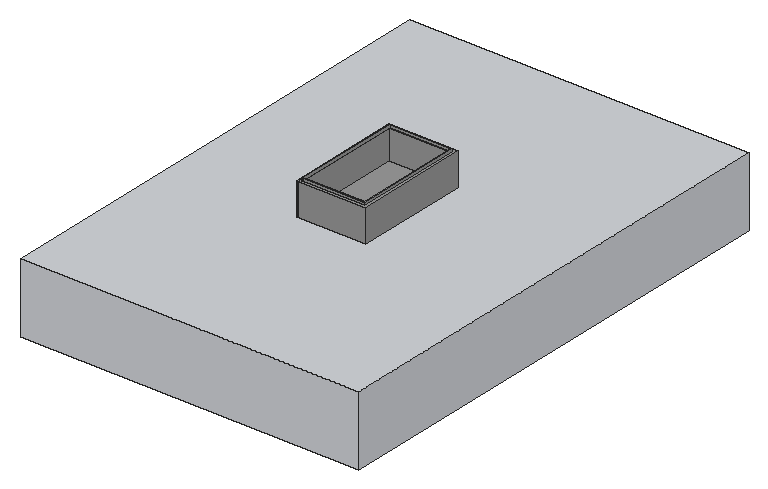
Revit family "Hager-Univers-IP30-D161-3rows-Cl.II-FWB_encl_empty-CH-fr", category Equipement électrique, Revit 2020
Family settings
  Hôte = Face
  Configuration du panneau = Deux colonnes, circuits au sein
  Cote de connecteur circulaire = Utiliser le diamètre
  Type d'élément = Tableau de raccordement
  Couper avec des vides une fois chargée = Non
  Partagée = Non
  Point de calcul de pièce = Non
Parameters (values of type "saillie IP30 L300 H500 P161  - FWB31D1")
  Width Control [instance] = if([EF000008 - largeur] > Min Width, [EF000008 - largeur], Min Width)  # 300 mm
  Commentaires du type = [HG000003 - Gamme]  # "Univers"
  Thickness Door [instance] = if([EF009171 - épaisseur de matériau de la porte/du couvercle] > 3 mm, 3 mm, [EF009171 - épaisseur de matériau de la porte/du couvercle])  # 2 mm
  Seal Frame Offset [instance] = 17 mm  # constant formula
  Plinth Visibility [instance] = [HG000027 - Hauteur du socle] > 0 mm  # no
  Model = ""
  Min Width [instance] = 100 mm  # constant formula
  Min Height [instance] = 100 mm  # constant formula
  Min Depth [instance] = (2 * [EF009170 - épaisseur de matériau du boîtier]) + 1 mm  # 5 mm
  Internal Frame Depth [instance] = (Door System Depth * 0.5)  # 9 mm
  Height Control [instance] = if([EF000040 - hauteur] > Min Height, [EF000040 - hauteur], Min Height)  # 500 mm
  HG000027 - Hauteur du socle = 0 mm
  HG000026 - Installation au sol = no
  HG000024 - Hauteur de la section basse = 800 mm
  HG000023 - Armoire double section = no
  HG000016 - Visibilité de la porte 3D [instance] = yes
  HG000015 - Visibilité de l'emprise de la porte [instance] = no
  HG000014 - Porte à droite [instance] = yes
  HG000013 - Porte à gauche [instance] = not([HG000014 - Porte à droite])  # no
  HG000012 - Angle de pivotement de la porte [instance] = 30.00°
  HG000010 - Portes asymétriques = no
  HG000009 - Porte à double battant = no
  HG000006 - Encastré = no
  HG000004 - Référence fabricant = "FWB31D1"
  HG000003 - Gamme = "Univers"
  HG000002 - avec porte = no
  Frame Offset Bottom [instance] = 10 mm  # constant formula
  Frame Offset [instance] = 15 mm  # constant formula
  EF015940 - couvercle avec décharge de pression = no
  EF011959 - degré de protection (NEMA) = ""
  EF009554 - nombre d'ouvertures pour plaques à bride = 2
  Fabricant = "Hager"  # constant formula
  EF009212 - finition du couvercle = "EV009916 - avec échancrure"
  EF009171 - épaisseur de matériau de la porte/du couvercle = 2 mm
  EF009170 - épaisseur de matériau du boîtier = 2 mm
  EF008873 - courant nominal (In) = 125 A
  EF007800 - adapté à un parafoudre = no
  EF006306 - avec serrure = no
  EF006244 - couvercle/porte transparent(e) = no
  EF005474 - indice de protection (IP) = "EV006410 - IP30"
  EF004464 - type de porte = "EV000494 - sans"
  EF004427 - nombre de modules = 36
  EF004293 - indice de protection contre les chocs (IK) = "EV006815 - IK09"
  EF003532 - convient pour utilisation à l’extérieur = no
  EF002950 - largeur en nombre de modules = 12
  EF001613 - maintien de fonction = "EV000494 - sans"
  EF001596 - matériau du boîtier/corps = "EV000179 - acier"
  EF001131 - profondeur intérieure = 156 mm
  EF001088 - possibilité de montage en saillie = yes
  EF000437 - nombre d'entrées de conduit = 4
  EF000339 - type de capot = "EV000494 - sans"
  EF000266 - nombre de rangées = 0
  EF000218 - profondeur d'encastrement = 0 mm
  EF000118 - avec cadre/support de montage = no
  EF000116 - numéro RAL = "9010"
  EF000049 - profondeur = 161 mm
  EF000040 - hauteur = 500 mm
  EF000008 - largeur = 300 mm
  EF000007 - couleur = "EV000202 - blanc"
  EF000003 - mode de pose = "EV000384 - saillie"
  Door System Leaf Tolerance [instance] = 1.5 mm  # constant formula
  Door System Depth [instance] = 18 mm  # constant formula
  Door Height [instance] = Height Control - [HG000027 - Hauteur du socle]  # 500 mm
  Depth Control [instance] = if([EF000049 - profondeur] > Min Depth, [EF000049 - profondeur], Min Depth)  # 161 mm
  Default Elevation = 0 mm
  Connector Offset [instance] = Height Control / 2  # 250 mm
  Bottom Top Plate Trim [instance] = 1.5 mm  # constant formula
  Plinth height Ctrl [instance] = if([HG000027 - Hauteur du socle] > 0 mm, [HG000027 - Hauteur du socle], 12 mm)  # 12 mm
Reference planes
  plane 1 "Center (Front/Back)": y = 0
  plane 2: z = 0
  plane 3 "Center (Left/Right)": x = 0
  plane 4: z = 161
  plane 5: y = 2
  plane 6: y = 250
  plane 7: y = 0
  plane 8: y = 500
  plane 9: z = 0
  plane 10: x = -135
  plane 11: x = 135
  plane 12: x = 133
  plane 13: x = -133
  plane 14: y = 498
  plane 15: x = -133
  plane 16: x = -150
  plane 17: x = 133
  plane 18: x = 150
  plane 19: x = 148
  plane 20: x = -148
  plane 21: y = 12
  plane 22: y = 500
  plane 23: y = 483
  plane 24: z = 143
  plane 25: z = 2
  plane 26: z = 141
  plane 27: z = 159
Forms (mm)
  Extrusion 1, solid
    sketch origin (0, 0, 0) x (1, 0, 0) y (0, 1, 0)
      loop
        line (-702.964, 1305) -> (-702.964, -811.445) -> (766.763, -811.445) -> (766.763, 1305) -> (-702.964, 1305)
    from 0 to -304.8
  Extrusion 2, solid, material "Hager_Steel_RAL7035_Light_Grey", visible <- "Plinth Visibility", detail levels medium+fine
    sketch origin (0, 0, 0) x (1, 0, 0) y (0, 1, 0)
      loop
        line (-150, 0) -> (150, 0) -> (150, 12) -> (-150, 12) -> (-150, 0)
    from 0 to 143
  Extrusion 3, solid, material "Hager_Steel_RAL7035_Light_Grey", detail levels medium+fine
    sketch origin (0, 0, 0) x (1, 0, 0) y (0, 1, 0)
      loop
        line (-150, 0) -> (150, 0) -> (150, 500) -> (-150, 500) -> (-150, 0)
    from 0 to 143
  Extrusion 4, void
    sketch origin (0, 0, 0) x (1, 0, 0) y (0, 1, 0)
      loop
        line (-148, 2) -> (148, 2) -> (148, 498) -> (-148, 498) -> (-148, 2)
    from 2 to 141
  Extrusion 5, void
    sketch origin (-381.607, -4572, 143) x (0, -1, 0) y (-1, 0, 0)
      loop
        line (-4584, -248.607) -> (-5055, -248.607) -> (-5055, -514.607) -> (-4584, -514.607) -> (-4584, -248.607)
    from 0 to 2 <- "EF009170 - épaisseur de matériau du boîtier"
  Extrusion 6, solid, material "Hager_Steel_RAL7035_Light_Grey", detail levels fine
    sketch origin (0, 0, 143) x (1, 0, 0) y (0, 1, 0)
      loop
        line (-133, 483) -> (-133, 12) -> (133, 12) -> (133, 483) -> (-133, 483)
      loop
        line (-135, 10) -> (135, 10) -> (135, 485) -> (-135, 485) -> (-135, 10)
    from 0 to 9 <- "Internal Frame Depth"
  Extrusion 7, solid, material "Hager_Steel_RAL7035_Light_Grey", detail levels coarse
    sketch origin (0, 0, 0) x (1, 0, 0) y (0, 1, 0)
      loop
        line (-150, 0) -> (150, 0) -> (150, 500) -> (-150, 500) -> (-150, 0)
    from 0 to 161
  Sweep 8, void
    path in 3D
      loop
        line (-150, 12, 0) -> (150, 12, 0) -> (150, 12, 143) -> (-150, 12, 143) -> (-150, 12, 0)
    profile origin (-150, 12, 71.5) x (-1, 0, 0) y (0, -1, 0)
      loop
        line (0, 0) -> (0, 1.5) -> (-1.5, 1.5)
        arc (-1.5, 1.5) -> (-1.061, 0.439) -> (0, 0) r 1.5
Cuts and joins
  Extrusion 4, Extrusion 5 cuts Extrusion 3
  Sweep 8 cuts Extrusion 2
Lines and regions (mm)
  Masking region 1
    outline origin (0, 0, 0) x (1, 0, 0) y (0, 0, 1)
      loop
        line (-150, 161) -> (-150, 0) -> (150, 0) -> (150, 161) -> (-150, 161)
  Masking region 2, detail levels medium+fine
    outline origin (0, 140, 0) x (0, 1, 0) y (0, 0, 1)
      loop
        line (-140, 0) -> (360, 0) -> (360, 143) -> (-140, 143) -> (-140, 0)
  Masking region 3, not visible, detail levels medium+fine
    outline origin (0, 297.922, 0) x (0, 1, 0) y (0, 0, 1)
      loop
        line (-36.422, 0) -> (3.578, 0) -> (3.578, 149)
        arc (3.578, 149) -> (0.649, 156.071) -> (-6.422, 159) r 10
        line (-6.422, 159) -> (-36.422, 159) -> (-36.422, 0)
  Masking region 4, detail levels coarse
    outline origin (0, 0, 180) x (0, 1, 0) y (0, 0, 1)
      loop
        line (0, -180) -> (500, -180) -> (500, -19) -> (0, -19) -> (0, -180)
  Masking region 5, visible <- "Plinth Visibility", detail levels medium+fine
    outline origin (0, 52.24, 12.345) x (0, 0, -1) y (0, 1, 0)
      loop
        line (10.845, -40.24) -> (-129.155, -40.24)
        arc (-129.155, -40.24) -> (-129.594, -41.301) -> (-130.655, -41.74) r 1.5
        line (-130.655, -41.74) -> (-130.655, -52.24) -> (12.345, -52.24) -> (12.345, -41.74)
        arc (12.345, -41.74) -> (11.285, -41.301) -> (10.845, -40.24) r 1.5
  Masking region 6, detail levels medium+fine
    outline origin (-381.607, -4572, 143) x (-1, 0, 0) y (0, -1, 0)
      loop
        line (-231.607, -5072) -> (-231.607, -4572) -> (-531.607, -4572) -> (-531.607, -5072) -> (-231.607, -5072)
  Masking region 7, visible <- "Plinth Visibility", detail levels medium+fine
    outline origin (-381.607, -4727, 143) x (-1, 0, 0) y (0, -1, 0)
      loop
        arc (-233.107, -4739) -> (-232.668, -4737.939) -> (-231.607, -4737.5) r 1.5
        line (-231.607, -4737.5) -> (-231.607, -4727) -> (-531.607, -4727) -> (-531.607, -4737.5)
        arc (-531.607, -4737.5) -> (-530.546, -4737.939) -> (-530.107, -4739) r 1.5
        line (-530.107, -4739) -> (-233.107, -4739)
  Masking region 8, detail levels coarse
    outline origin (-442.548, -4669.526, 143) x (-1, 0, 0) y (0, -1, 0)
      loop
        line (-292.548, -5169.526) -> (-292.548, -4669.526) -> (-592.548, -4669.526) -> (-592.548, -5169.526) -> (-292.548, -5169.526)
  sketch lines
    curve 1: line (-150, 12, 143) -> (-150, 12, 0)
    curve 2: line (150, 12, 143) -> (-150, 12, 143)
    curve 3: line (150, 12, 143) -> (150, 12, 0)
    curve 4: line (-150, 12, 0) -> (150, 12, 0)
Dimensions and locks
  "Depth Control": plane 4 to Extrusion 1
  "HG000027 - Hauteur du socle": plane 1 "Center (Front/Back)" to plane 7
  "EF009170 - épaisseur de matériau du boîtier": plane 5 to plane 7
  locked: connector elem to plane 3 "Center (Left/Right)"
  equal spacing: plane 8, plane 6, plane 7
  locked: connector elem to plane 6
  "EF009170 - épaisseur de matériau du boîtier": plane 8 to plane 14
  "EF009170 - épaisseur de matériau du boîtier": plane 10 to plane 13
  "EF009170 - épaisseur de matériau du boîtier": plane 12 to plane 11
  "Frame Offset": plane 20 to plane 13
  "Frame Offset": plane 12 to plane 19
  "EF009170 - épaisseur de matériau du boîtier": plane 16 to plane 20
  "EF009170 - épaisseur de matériau du boîtier": plane 19 to plane 18
  "Seal Frame Offset": plane 16 to plane 15
  "Seal Frame Offset": plane 17 to plane 18
  "Frame Offset Bottom": plane 21 to plane 5
  "Frame Offset": plane 14 to plane 23
  equal spacing: plane 16, plane 3 "Center (Left/Right)", plane 18
  "Width Control": plane 16 to plane 18
  "EF009170 - épaisseur de matériau du boîtier": plane 4 to plane 27
  "EF009170 - épaisseur de matériau du boîtier": plane 24 to plane 26
  "EF009170 - épaisseur de matériau du boîtier": plane 25 to level
  "Door System Depth": plane 4 to plane 24
  "Height Control": plane 1 "Center (Front/Back)" to Extrusion 7 sketch curve
  "Height Control": Masking region 4 sketch curve to plane 1 "Center (Front/Back)"
  "Height Control": plane 1 "Center (Front/Back)" to plane 22
  "Bottom Top Plate Trim": profile plane to Sweep 8 sketch curve
  "Bottom Top Plate Trim": Sweep 8 sketch curve to profile plane
  "Plinth height Ctrl": plane 1 "Center (Front/Back)" to Extrusion 2 sketch curve
  "Plinth height Ctrl": Masking region 5 sketch curve to plane 1 "Center (Front/Back)"
  "Plinth height Ctrl": plane 1 "Center (Front/Back)" to Masking region 7 sketch curve
  "Thickness Door": Extrusion 6 sketch curve to Extrusion 6 sketch curve  (x3)
  "Thickness Door": cut or joined group of Extrusion 3, Extrusion 4, Extrusion 5 to Extrusion 6 sketch curve
  radius of Masking region 3 sketch curve = 10 mm
  "Bottom Top Plate Trim": radius of Masking region 5 sketch curve  (x2)
  "Bottom Top Plate Trim": radius of Sweep 8 sketch curve
  "Bottom Top Plate Trim": radius of Masking region 7 sketch curve  (x2)
  aligned and locked: plane 2 to Extrusion 1
  aligned and locked: level to Extrusion 1
  aligned and locked: level to Masking region 1 sketch curve
  aligned and locked: Masking region 1 sketch curve to plane 18
  aligned and locked: Masking region 1 sketch curve to plane 16
  aligned and locked: plane 7 to Masking region 2 sketch curve
  aligned and locked: level to Masking region 3 sketch curve
  aligned and locked: Masking region 3 sketch curve to plane 27
  aligned and locked: level to Masking region 2 sketch curve
  aligned and locked: plane 1 "Center (Front/Back)" to Extrusion 2 sketch curve
  aligned and locked: Extrusion 3 sketch curve to plane 7
  aligned and locked: plane 16 to Extrusion 3 sketch curve
  aligned and locked: plane 18 to Extrusion 3 sketch curve
  aligned and locked: plane 20 to Extrusion 4 sketch curve
  aligned and locked: plane 19 to Extrusion 4 sketch curve
  aligned and locked: Extrusion 4 sketch curve to plane 5
  aligned and locked: Extrusion 4 to plane 25
  aligned and locked: plane 26 to Extrusion 4
  aligned and locked: plane 24 to Extrusion 3
  aligned and locked: plane 21 to Extrusion 5 sketch curve
  aligned and locked: Extrusion 5 sketch curve to plane 13
  aligned and locked: Extrusion 5 sketch curve to plane 12
  aligned and locked: plane 18 to Extrusion 7 sketch curve
  aligned and locked: plane 1 "Center (Front/Back)" to Extrusion 7 sketch curve
  aligned and locked: plane 16 to Extrusion 7 sketch curve
  aligned and locked: plane 4 to Extrusion 7
  aligned and locked: Extrusion 7 to level
  aligned and locked: level to Masking region 4 sketch curve
  aligned and locked: Masking region 4 sketch curve to plane 1 "Center (Front/Back)"
  aligned and locked: Masking region 4 sketch curve to plane 4
  aligned and locked: nested 1 to level
  aligned and locked: nested 1 to plane 16
  aligned and locked: plane 8 to Extrusion 3 sketch curve
  aligned and locked: plane 23 to Extrusion 5 sketch curve
  aligned and locked: plane 14 to Extrusion 4 sketch curve
  aligned and locked: Masking region 2 sketch curve to plane 8
  aligned and locked: level to Masking region 5 sketch curve
  aligned and locked: plane 16 to Extrusion 2 sketch curve
  aligned and locked: plane 18 to Extrusion 2 sketch curve
  aligned and locked: Masking region 5 sketch curve to plane 24
  aligned and locked: Masking region 2 sketch curve to plane 24
  aligned and locked: plane 24 to Extrusion 2
  aligned and locked: profile plane to Sweep 8 sketch curve  (x2)
  aligned and locked: Masking region 6 sketch curve to plane 18
  aligned and locked: Masking region 6 sketch curve to plane 22
  aligned and locked: Masking region 6 sketch curve to plane 16
  aligned and locked: plane 8 to plane 22
  aligned and locked: plane 7 to Masking region 6 sketch curve
  aligned and locked: Masking region 7 sketch curve to plane 16
  aligned and locked: Masking region 7 sketch curve to plane 1 "Center (Front/Back)"
  aligned and locked: Masking region 7 sketch curve to plane 18
  aligned and locked: Masking region 8 sketch curve to plane 1 "Center (Front/Back)"
  aligned and locked: Masking region 8 sketch curve to plane 18
  aligned and locked: Masking region 8 sketch curve to plane 22
  aligned and locked: Masking region 8 sketch curve to plane 16
  aligned and locked: nested 2 to plane 7
  aligned and locked: plane 3 "Center (Left/Right)" to nested 2
  aligned and locked: plane 24 to nested 2
  aligned and locked: Extrusion 6 sketch curve to cut or joined group of Extrusion 3, Extrusion 4, Extrusion 5  (x4)
Automatic sketch dimensions
  Extrusion 1 sketch curve to Extrusion 1 sketch curve = 1469.727 mm
  Extrusion 1 sketch curve to Extrusion 1 sketch curve = 2116.445 mm
  Masking region 1 sketch curve to plane 4 = 0 mm
  plane 6 to Masking region 3 sketch curve = 11.5 mm
  Masking region 3 sketch curve to Masking region 3 sketch curve = 30 mm
  Masking region 5 sketch curve to plane 1 "Center (Front/Back)" = 0 mm
Nested families
  nested 1: "Hager_Enclosure_Symbol" at (-150, 0, 0) x (1, 0, 0) z (0, -1, 0), Height <- "Depth Control", Width <- "Width Control", type "Hager_Enclosure_Symbol"
    with Width_Ctrl 300 mm, Width 300 mm, Height_Ctrl 161 mm, Height 161 mm, A_Width_Int 10.566 mm, A_Width 126.788 mm, A_Height_Ctrl 140.875 mm, A_Height 140.875 mm
  nested 2: "EC000058_Univers_Door" at (0, 0, 143) x (1, 0, 0) z (0, 1, 0), Leaf_Tolerance <- "Door System Leaf Tolerance", Angle <- "HG000012 - Angle de pivotement de la porte", Door_Depth <- "Door System Depth", Door_Left <- "HG000013 - Porte à gauche", Transparent <- "EF006244 - couvercle/porte transparent(e)", Assymetrical <- "HG000010 - Portes asymétriques", Width <- "Width Control", Clearance <- "HG000015 - Visibilité de l'emprise de la porte", Double <- "HG000009 - Porte à double battant", 3d_Door <- "HG000016 - Visibilité de la porte 3D", Lock_Visibility <- "EF006306 - avec serrure", Width_Ctrl <- "Width Control", Door_Right <- "HG000014 - Porte à droite", Door <- "HG000002 - avec porte", Height <- "Door Height", Thickness <- "Thickness Door", type "EC000058_Univers_Door", detail levels medium+fine
    with min_wh 5 mm, Width_Ctrl 300 mm, Width 300 mm, Transparent no, Thickness 2 mm, Seal_Material Hager_Rubber, Lock_Visibility no, Lock_Material Hager_Plastic_RAL9005_Jet_Black, Leaf_Width 300 mm, Leaf_Tolerance_External_Sides 0 mm, Leaf_Tolerance 1.5 mm, Leaf_Offset 0 mm, Leaf_Height 497 mm, Leaf_2_Width 300 mm, Leaf_2_Offset 150 mm, Leaf_1_Width 300 mm, Leaf_1_Offset 150 mm, Height_Ctrl 500 mm, Height 500 mm, Glass_Material Hager_Glass, Double_Clearance_Ctrl no, Double no, Door_Right_Ctrl no, Door_Right yes, Door_Material Hager_Steel_RAL7035_Light_Grey, Door_Left_Ctrl no, Door_Left no, Door_Depth 18 mm, Door no, Clearance_Material Hager_Clearance, Clearance_Depth 300 mm, Clearance_Ctrl no, Clearance no, Assymetrical no, Angle 30.00°, 3d_Door yes
Connectors
  electrical at (0, 250, 0)
    settings: on plane 9, index 1, voltage 0 V, apparent load 0 VA, apparent load phase1 0 VA, apparent load phase2 0 VA, apparent load phase3 0 VA, power factor 1, load classification "Other", number of poles 1, system type 30, power factor state 1, is connector primary yes, connector utility no, sub classification motor no, connector description ""
Definition of nested family "Hager_Enclosure_Symbol"
  Parameters (values of type "Hager_Enclosure_Symbol")
    Width_Ctrl [instance] = if(Width > 1 mm, Width, 1 mm)  # 102.27 mm
    Width [instance] = 102.27 mm
    Height_Ctrl [instance] = if(Height > 1 mm, Height, 1 mm)  # 66.5 mm
    A_Width_Int [instance] = if(A_Width / 12 > 2 mm, A_Width / 12, 2 mm)  # 4.364 mm
    A_Width [instance] = if(A_Height_Ctrl * 0.9 > 2 mm, A_Height_Ctrl * 0.9, 2 mm)  # 52.369 mm
    A_Height_Ctrl [instance] = if(A_Height > 2 mm, A_Height, 2 mm)  # 58.188 mm
    Height [instance] = 66.5 mm
    A_Height [instance] = Height - (Height / 8)  # 58.188 mm
  Reference planes
    plane 1 "Centre (avant/arrière)": y = 0
    plane 2: z = 0
    plane 3 "Centre (gauche/droite)": x = 0
    plane 4: x = 52.369
    plane 5: y = 33.042
    plane 6: y = 41.77
    plane 7: y = 66.5
    plane 8: x = 26.184
    plane 9: y = 37.406
    plane 10: x = 102.27
    plane 11: y = 66.5
    plane 12: y = 8.313
  Lines and regions (mm)
    Filled region 1, type "Solid_Black", in view "Niveau de réf."
      outline origin (0, 0, 0) x (1, 0, 0) y (0, 1, 0)
        loop
          line (52.369, 66.5) -> (33.188, 54.536) -> (45.365, 45.006) -> (52.369, 66.5)
    Filled region 2, type "Solid_Black", in view "Niveau de réf."
      outline origin (0, 0, 0) x (1, 0, 0) y (0, 1, 0)
        loop
          line (0, 0) -> (102.27, 0) -> (102.27, 66.5) -> (0, 0)
    detail lines, in view "Niveau de réf."
      curve 1: line (0, 8.313, 0) -> (26.184, 41.77, 0)
      curve 2: line (26.184, 41.77, 0) -> (26.184, 33.042, 0)
      curve 3: line (26.184, 33.042, 0) -> (52.369, 66.5, 0)
  Dimensions and locks
    "A_Width": plane 3 "Centre (gauche/droite)" to plane 4
    equal spacing: plane 3 "Centre (gauche/droite)", plane 8, plane 4
    equal spacing: plane 6, plane 9, plane 5
    equal spacing: curve 3, Filled region 1 sketch curve, Filled region 1 sketch curve
    "Height_Ctrl": plane 1 "Centre (avant/arrière)" to plane 11
    "A_Height_Ctrl": plane 11 to plane 12
    equal spacing: plane 11, plane 9, plane 12
    "A_Width_Int": plane 6 to plane 9
    "Width_Ctrl": plane 3 "Centre (gauche/droite)" to plane 10
    angle Filled region 1 sketch curve to curve 3 = 20.00°
    angle curve 3 to Filled region 1 sketch curve = 20.00°
    locked: curve 3 to Filled region 1 sketch curve (angle 90.00°)
    aligned and locked: plane 10 to Filled region 2
    aligned and locked: plane 11 to Filled region 2 sketch curve
    aligned and locked: plane 10 to Filled region 2 sketch curve
    aligned and locked: plane 3 "Centre (gauche/droite)" to curve 1
    aligned and locked: plane 12 to curve 1
    aligned and locked: plane 7 to plane 11
  Automatic sketch dimensions
    Filled region 1 sketch curve to plane 4 = 0 mm
    Filled region 1 sketch curve to plane 7 = 0 mm
    plane 1 "Centre (avant/arrière)" to Filled region 2 sketch curve = 0 mm
    Filled region 2 sketch curve to plane 3 "Centre (gauche/droite)" = 0 mm
    curve 2 to plane 6 = 0 mm
    curve 2 to plane 8 = 0 mm
    curve 3 to plane 4 = 0 mm
    curve 2 to plane 5 = 0 mm
    curve 3 to plane 7 = 0 mm
Definition of nested family "EC000058_Univers_Door"
  Parameters (values of type "EC000058_Univers_Door")
    min_wh [instance] = (2 * Thickness) + 1 mm  # 11 mm
    Width_Ctrl [instance] = 400 mm
    Width [instance] = 500 mm
    Transparent [instance] = yes
    Thickness [instance] = 5 mm
    Seal_Material [instance] = none
    Lock_Visibility [instance] = yes
    Lock_Material [instance] = none
    Leaf_Width [instance] = if((Width_Ctrl - 2 * Leaf_Tolerance_External_Sides) > 0 mm, (Width_Ctrl - 2 * Leaf_Tolerance_External_Sides), min_wh)  # 400 mm
    Leaf_Tolerance_External_Sides [instance] = 0 mm  # constant formula
    Leaf_Tolerance [instance] = 1.5 mm
    Leaf_Offset [instance] = 0 mm  # constant formula
    Leaf_Height [instance] = if((Height_Ctrl - 2 * Leaf_Tolerance) > 0 mm, (Height_Ctrl - 2 * Leaf_Tolerance), min_wh)  # 497 mm
    Leaf_2_Width [instance] = if(and(and(Double, Assymetrical), Door_Left), (Leaf_Width / 3) - (Leaf_Tolerance / 2), if(and(and(Double, Assymetrical), Door_Right), (Leaf_Width / 3) * 2 - (Leaf_Tolerance / 2), if(and(Double, not(Assymetrical)), (Leaf_Width / 2) - Leaf_Tolerance, Leaf_Width)))  # 400 mm
    Leaf_2_Offset [instance] = if(and(Double, Assymetrical), Leaf_2_Width / 2, if(and(Double, not(Assymetrical)), Leaf_Width / 4, Leaf_Width / 2))  # 200 mm
    Leaf_1_Width [instance] = if(and(and(Double, Assymetrical), Door_Right), (Leaf_Width / 3) - (Leaf_Tolerance / 2), if(and(and(Double, Assymetrical), Door_Left), (Width / 3) * 2 - (Leaf_Tolerance / 2), if(and(Double, not(Assymetrical)), (Leaf_Width / 2) - Leaf_Tolerance, Leaf_Width)))  # 400 mm
    Leaf_1_Offset [instance] = if(and(Double, Assymetrical), Leaf_1_Width / 2, if(and(Double, not(Assymetrical)), Leaf_Width / 4, Leaf_Width / 2))  # 200 mm
    Height_Ctrl [instance] = if(Height > min_wh, Height, min_wh)  # 500 mm
    Height [instance] = 500 mm
    Glass_Material [instance] = none
    Double_Clearance_Ctrl [instance] = and(Double, Clearance)  # no
    Double [instance] = no
    Door_Right_Ctrl [instance] = and(or(Door_Right, Double), Door)  # yes
    Door_Right [instance] = yes
    Door_Material [instance] = none
    Door_Left_Ctrl [instance] = and(or(Door_Left, Double), Door)  # no
    Door_Left [instance] = no
    Door_Depth [instance] = 30 mm
    Door [instance] = yes
    Default Elevation = 1219.2 mm
    Clearance_Material [instance] = none
    Clearance_Depth [instance] = if(Leaf_1_Width > Leaf_2_Width, Leaf_1_Width, Leaf_2_Width)  # 400 mm
    Clearance_Ctrl [instance] = and(not(Double), Clearance)  # yes
    Clearance [instance] = yes
    Assymetrical [instance] = yes
    Angle [instance] = 30.00°
    3d_Door [instance] = yes
  Reference planes
    plane 1 "Center (Front/Back)": y = 0
    plane 2 "Bottom": z = 0
    plane 3 "Center (Left/Right)": x = 0
    plane 4: z = 500
    plane 5: x = -200
    plane 6: x = 200
    plane 7: z = 500
    plane 8: x = -200
    plane 9: z = 0
    plane 10: x = 200
    plane 11: y = 0
    plane 12: z = 1.5
    plane 13: x = -600
    plane 14: y = -400
    plane 15: x = 600
    plane 16: x = 0
    plane 17: x = 0
    plane 18: x = -200
    plane 19: x = 200
    plane 20: z = 498.5
  Forms (mm)
    Extrusion 1, solid, material <- "Clearance_Material", visible <- "Double_Clearance_Ctrl"
      sketch origin (1200, 0, 0) x (1, 0, 0) y (0, 0, -1)
        loop
          line (-1800, -498.5) -> (-600, -498.5) -> (-600, 0) -> (-1800, 0) -> (-1800, -498.5)
      from 0 to -400
  Dimensions and locks
    equal spacing: plane 5, plane 3 "Center (Left/Right)", plane 6
    "Width_Ctrl": plane 5 to plane 6
    "Leaf_Offset": plane 5 to plane 8
    "Leaf_Offset": plane 6 to plane 10
    "Leaf_Offset": plane 9 to level
    "Leaf_Offset": plane 4 to plane 7
    "Height_Ctrl": plane 4 to level
    "Leaf_Tolerance": plane 12 to plane 9
    locked: plane 11 to plane 1 "Center (Front/Back)"
    "Leaf_1_Offset": plane 18 to plane 16
    "Leaf_2_Offset": plane 17 to plane 19
    "Leaf_1_Width": plane 13 to plane 8
    "Leaf_2_Width": plane 10 to plane 15
    "Clearance_Depth": plane 14 to plane 1 "Center (Front/Back)"
    "Leaf_Tolerance_External_Sides": plane 8 to plane 18
    "Leaf_Tolerance_External_Sides": plane 19 to plane 10
    "Leaf_Tolerance": plane 7 to plane 20
    aligned and locked: level to plane 2 "Bottom"
    aligned and locked: nested 1 to plane 16
    aligned and locked: nested 2 to plane 17
    aligned and locked: Extrusion 1 to plane 13
    aligned and locked: plane 15 to Extrusion 1
    aligned and locked: Extrusion 1 to plane 14
    aligned and locked: plane 12 to nested 1
    aligned and locked: nested 2 to plane 12
    aligned and locked: Extrusion 1 to plane 11
    aligned and locked: plane 20 to Extrusion 1
    aligned and locked: nested 2 to plane 11
    aligned and locked: nested 1 to plane 11
  Automatic sketch dimensions
    Extrusion 1 sketch curve to level = 0 mm
    plane 5 to Extrusion 1 sketch curve = 400 mm
    plane 6 to Extrusion 1 sketch curve = 400 mm
    Extrusion 1 sketch curve to plane 4 = 1.5 mm
  Nested families
    nested 1: "EC000058_Univers_Door_Leaf" at (0, 0, 1.5), Width <- "Leaf_1_Width", visible <- "Door_Left_Ctrl", Leaf_Height <- "Leaf_Height", Angle <- "Angle", 3d_Door <- "3d_Door", Transparent <- "Transparent", Clearance Material <- "Clearance_Material", Clearance <- "Clearance_Ctrl", Door_Material <- "Door_Material", Glass_Material <- "Glass_Material", Door_Depth <- "Door_Depth", Lock_Material <- "Lock_Material", Seal_Material <- "Seal_Material", Lock_Visibility <- "Lock_Visibility", Thickness <- "Thickness", type "EC000058_Univers_Door_Leaf"
      with Width 400 mm, Transparent_Glass_Offset 30 mm, Transparent_Ctrl yes, Transparent yes, Thickness 5 mm, Standard no, Seal_Material none, Seal_D2 8 mm, Seal_D1 1 mm, Offset_Internal_Frame 10 mm, Lock_Width 20 mm, Lock_Visibility_3d yes, Lock_Visibility yes, Lock_Thickness_3 3 mm, Lock_Thickness_2 1 mm, Lock_Thickness_1 3 mm, Lock_Radius_Offset_2 16 mm, Lock_Radius_Offset_1 15 mm, Lock_Radius_2 5 mm, Lock_Radius 6 mm, Lock_Offset 5 mm, Lock_Material none, Lock_Height 80 mm, Lock_Cover_Top_Offset_2d 17 mm, Lock_Cover_Height -65 mm, Leaf_Height 497 mm, Internal_Seal_Thickness 8 mm, Internal_Seal_Depth_2 4.5 mm, Internal_Frame_Depth 25 mm, Glass_Thickness -1 mm, Glass_Offset -2 mm, Glass_Material none, Door_Material none, Door_Depth 30 mm, Clearance Material none, Clearance yes, Angle_Ctrl 30.00°, Angle 30.00°, 3d_Door yes
    nested 2: "EC000058_Univers_Door_Leaf" at (0, 0, 1.5) x (-1, 0, 0) z (0, 0, 1), Width <- "Leaf_2_Width", visible <- "Door_Right_Ctrl", Leaf_Height <- "Leaf_Height", Angle <- "Angle", 3d_Door <- "3d_Door", Transparent <- "Transparent", Clearance Material <- "Clearance_Material", Clearance <- "Clearance_Ctrl", Door_Material <- "Door_Material", Glass_Material <- "Glass_Material", Door_Depth <- "Door_Depth", Lock_Material <- "Lock_Material", Seal_Material <- "Seal_Material", Lock_Visibility <- "Lock_Visibility", Thickness <- "Thickness", type "EC000058_Univers_Door_Leaf"
      with Width 400 mm, Transparent_Glass_Offset 30 mm, Transparent_Ctrl yes, Transparent yes, Thickness 5 mm, Standard no, Seal_Material none, Seal_D2 8 mm, Seal_D1 1 mm, Offset_Internal_Frame 10 mm, Lock_Width 20 mm, Lock_Visibility_3d yes, Lock_Visibility yes, Lock_Thickness_3 3 mm, Lock_Thickness_2 1 mm, Lock_Thickness_1 3 mm, Lock_Radius_Offset_2 16 mm, Lock_Radius_Offset_1 15 mm, Lock_Radius_2 5 mm, Lock_Radius 6 mm, Lock_Offset 5 mm, Lock_Material none, Lock_Height 80 mm, Lock_Cover_Top_Offset_2d 17 mm, Lock_Cover_Height -65 mm, Leaf_Height 497 mm, Internal_Seal_Thickness 8 mm, Internal_Seal_Depth_2 4.5 mm, Internal_Frame_Depth 25 mm, Glass_Thickness -1 mm, Glass_Offset -2 mm, Glass_Material none, Door_Material none, Door_Depth 30 mm, Clearance Material none, Clearance yes, Angle_Ctrl 30.00°, Angle 30.00°, 3d_Door yes
  Definition of nested family "EC000058_Univers_Door_Leaf"
    Parameters (values of type "EC000058_Univers_Door_Leaf")
      Width [instance] = 2000 mm
      Transparent_Glass_Offset [instance] = 30 mm
      Transparent_Ctrl [instance] = and(Transparent, [3d_Door])  # yes
      Transparent [instance] = yes
      Thickness [instance] = 5 mm
      Standard [instance] = and(not(Transparent), [3d_Door])  # no
      Seal_Material [instance] = none
      Seal_D2 [instance] = 8 mm  # constant formula
      Seal_D1 [instance] = 1 mm  # constant formula
      Offset_Internal_Frame [instance] = 10 mm  # constant formula
      Lock_Width [instance] = 20 mm  # constant formula
      Lock_Visibility_3d [instance] = and(Lock_Visibility, [3d_Door])  # yes
      Lock_Visibility [instance] = yes
      Lock_Thickness_3 [instance] = 3 mm  # constant formula
      Lock_Thickness_2 [instance] = 1 mm  # constant formula
      Lock_Thickness_1 [instance] = 3 mm  # constant formula
      Lock_Radius_Offset_2 [instance] = Lock_Radius_Offset_1 + 1 mm  # 16 mm
      Lock_Radius_Offset_1 [instance] = 15 mm  # constant formula
      Lock_Radius_2 [instance] = Lock_Radius - 1 mm  # 5 mm
      Lock_Radius [instance] = 6 mm  # constant formula
      Lock_Offset [instance] = 5 mm  # constant formula
      Lock_Material [instance] = none
      Lock_Height [instance] = 80 mm  # constant formula
      Lock_Cover_Top_Offset_2d [instance] = Lock_Radius_Offset_2 + 1 mm  # 17 mm
      Lock_Cover_Height [instance] = -(Lock_Height - Lock_Radius_Offset_1)  # -65 mm
      Leaf_Height [instance] = 2720.336 mm
      Internal_Seal_Thickness [instance] = 8 mm  # constant formula
      Internal_Seal_Depth_2 [instance] = 4.5 mm  # constant formula
      Internal_Frame_Depth [instance] = if(Door_Depth - Thickness > 5 mm, Door_Depth - Thickness, 5 mm)  # 25 mm
      Glass_Thickness [instance] = if(Thickness > 15 mm, Glass_Offset + 10 mm, -1 mm)  # -1 mm
      Glass_Offset [instance] = if(Thickness > 15 mm, -(Thickness + 10 mm) / 2, -2 mm)  # -2 mm
      Glass_Material [instance] = none
      Door_Material [instance] = none
      Door_Depth [instance] = 30 mm
      Default Elevation = 0 mm
      Clearance Material [instance] = none
      Clearance [instance] = yes
      Angle_Ctrl [instance] = if(Angle > 180.00°, 180.00°, Angle)  # 90.00°
      Angle [instance] = 90.00°
      3d_Door [instance] = yes
    Reference planes
      plane 1 "Center (Front/Back)": y = 0
      plane 2: z = 0
      plane 3 "Center (Left/Right)": x = 0
      plane 4: y = 2000
      plane 5: x = -1000
      plane 6: x = 1000
      plane 7: x = -3000
      plane 8: z = 2720.336
      plane 9: z = 30
      plane 10: z = 2690.336
      plane 11: x = 970
      plane 12: x = -970
      plane 13: y = -3
      plane 14: z = 107.833
      plane 15: y = -5
      plane 16: y = -223.314
      plane 17: x = -1000
      plane 18: z = 1360.168
      plane 19: y = 30
    Forms (mm)
      Extrusion 1, solid, material <- "Clearance Material", visible <- "Clearance"
        sketch origin (0, 0, 0) x (1, 0, 0) y (0, 0, 1)
          loop
            line (-3000, 2720.336) -> (-3000, 0) -> (1000, 0) -> (1000, 2720.336) -> (-3000, 2720.336)
        from 0 to -2000
      Extrusion 2, solid, material <- "Door_Material", visible <- "Standard", detail levels medium+fine
        sketch origin (-1000, 0, 0) x (0, 1, 0) y (-1, 0, 0)
          loop
            line (0, 30) -> (0, 25) -> (2000, 25) -> (2000, 30) -> (0, 30)
        from 0 to 2720.336 <- "Leaf_Height"
      Extrusion 3, solid, material <- "Door_Material", visible <- "Transparent_Ctrl", detail levels medium+fine
        sketch origin (-1000, 0, 0) x (0, 1, 0) y (-1, 0, 0)
          loop
            line (0, 25) -> (2000, 25) -> (2000, 30) -> (0, 30) -> (0, 25)
        from 0 to 2720.336 <- "Leaf_Height"
      Extrusion 4, void
        sketch origin (-1025, 2000, 0) x (0, 1, 0) y (0, 0, -1)
          loop
            line (-30, -2690.336) -> (-30, -30) -> (-1970, -30) -> (-1970, -2690.336) -> (-30, -2690.336)
        from 0 to 5 <- "Thickness"
      Sweep 5, solid, material <- "Seal_Material", visible <- "Transparent_Ctrl", detail levels fine
        path in 3D
          loop
            line (-1025, 30, 30) -> (-1025, 30, 2690.336) -> (-1025, 1970, 2690.336) -> (-1025, 1970, 30) -> (-1025, 30, 30)
        profile origin (-1025, 1000, 30) x (1, 0, 0) y (0, 0, 1)
          loop
            line (0, 0) -> (0, -8) -> (1, -8) -> (1, 0) -> (0, 0)
      Extrusion 6, solid, material <- "Glass_Material", visible <- "Transparent_Ctrl", detail levels medium+fine
        sketch origin (-1030, 0, 0) x (0, 1, 0) y (0, 0, -1)
          loop
            line (1970, -2690.336) -> (1970, -30) -> (30, -30) -> (30, -2690.336) -> (1970, -2690.336)
        from -2 <- "Glass_Offset" to -1 <- "Glass_Thickness"
      Extrusion 7, solid, material <- "Door_Material", visible <- "3d_Door", detail levels medium+fine
        sketch origin (-1025, 2000, 0) x (0, -1, 0) y (0, 0, -1)
          loop
            line (0, -2720.336) -> (2000, -2720.336) -> (2000, 0) -> (0, 0) -> (0, -2720.336)
          loop
            line (1995, -5) -> (5, -5) -> (5, -2715.336) -> (1995, -2715.336) -> (1995, -5)
        from 0 to 25 <- "Internal_Frame_Depth"
      Sweep 8, solid, material <- "Seal_Material", visible <- "Transparent_Ctrl", detail levels fine
        path in 3D
          loop
            line (-1025, 0, 0) -> (-1025, 2000, 0) -> (-1025, 2000, 2720.336) -> (-1025, 0, 2720.336) -> (-1025, 0, 0)
        profile origin (-1025, 0, 1360.168) x (1, 0, 0) y (0, 1, 0)
          loop
            line (0, 10) -> (2.975, 10)
            arc (2.975, 10) -> (4.053, 10.447) -> (4.5, 11.525) r 1.525
            line (4.5, 11.525) -> (4.5, 16.527)
            arc (4.5, 16.527) -> (4.069, 17.569) -> (3.027, 18) r 1.473
            line (3.027, 18) -> (0, 18) -> (0, 10)
      Extrusion 9, solid, material <- "Lock_Material", visible <- "Lock_Visibility_3d", detail levels fine
        sketch origin (-1030, 0, 0) x (0, 1, 0) y (0, 0, -1)
          loop
            arc (1993.5, -1400.168) -> (1994.561, -1399.729) -> (1995, -1398.668) r 1.5
            line (1995, -1398.668) -> (1995, -1320.168) -> (1975, -1320.168) -> (1975, -1398.668)
            arc (1975, -1398.668) -> (1975.439, -1399.729) -> (1976.5, -1400.168) r 1.5
            line (1976.5, -1400.168) -> (1993.5, -1400.168)
        from 3 <- "Lock_Thickness_1" to 0
      Blend 10, solid, material <- "Lock_Material", visible <- "Lock_Visibility_3d", detail levels fine
        base sketch origin (-1033, 0, 0) x (0, 1, 0) y (0, 0, -1)
          loop
            line (1975, -1320.168) -> (1975, -1398.668)
            arc (1975, -1398.668) -> (1975.439, -1399.729) -> (1976.5, -1400.168) r 1.5
            line (1976.5, -1400.168) -> (1993.5, -1400.168)
            arc (1993.5, -1400.168) -> (1994.561, -1399.729) -> (1995, -1398.668) r 1.5
            line (1995, -1398.668) -> (1995, -1320.168) -> (1975, -1320.168)
        top sketch origin (-1033, 0, 0) x (0, 1, 0) y (0, 0, -1)
          loop
            line (1976, -1320.168) -> (1976, -1398.668)
            arc (1976, -1398.668) -> (1976.146, -1399.022) -> (1976.5, -1399.168) r 0.5
            line (1976.5, -1399.168) -> (1993.5, -1399.168)
            arc (1993.5, -1399.168) -> (1993.854, -1399.022) -> (1994, -1398.668) r 0.5
            line (1994, -1398.668) -> (1994, -1320.168) -> (1976, -1320.168)
        from 0 to 1 <- "Lock_Thickness_2"
      Blend 11, solid, material <- "Lock_Material", visible <- "Lock_Visibility_3d", detail levels fine
        base sketch origin (-1034, 0, 0) x (0, 1, 0) y (0, 0, -1)
          loop
            line (1978, -1320.168) -> (1978, -1384.168)
            arc (1978, -1384.168) -> (1985, -1391.168) -> (1992, -1384.168) r 7
            line (1992, -1384.168) -> (1992, -1320.168) -> (1978, -1320.168)
        top sketch origin (-1034, 0, 0) x (0, 1, 0) y (0, 0, -1)
          loop
            line (1991, -1320.168) -> (1979, -1320.168) -> (1979, -1383.168)
            arc (1979, -1383.168) -> (1985, -1389.168) -> (1991, -1383.168) r 6
            line (1991, -1383.168) -> (1991, -1320.168)
        from 0 to 3 <- "Lock_Thickness_3"
      Extrusion 12, solid, material <- "Lock_Material", visible <- "Lock_Visibility_3d", detail levels fine
        sketch origin (-1030, 1975, 1320.168) x (1, 0, 0) y (0, -1, 0)
          loop
            line (-7, -19) -> (-7, -1) -> (0, -1) -> (0, 0) -> (-8, 0) -> (-8, -20) -> (0, -20) -> (0, -19) -> (-7, -19)
        from 0 to -65 <- "Lock_Cover_Height"
      Extrusion 13, void
        sketch origin (-1038, 1995, 1320.168) x (-1, 0, 0) y (0, 0, -1)
          loop
            line (-5, -65) -> (0, -65) -> (-5, -60) -> (-5, -65)
        from 0 to 20 <- "Lock_Width"
      Extrusion 14, void
        sketch origin (-1038, 1975, 1320.168) x (0, -1, 0) y (0, 0, -1)
          loop
            circle (-10, -15.995) r 6
          loop
            circle (-10, -15.995) r 5
        from 0 to 2
      Extrusion 15, solid, material <- "Lock_Material", visible <- "Lock_Visibility_3d", detail levels medium
        sketch origin (-1030, 0, 0) x (0, 1, 0) y (0, 0, -1)
          loop
            arc (1993.5, -1400.168) -> (1994.561, -1399.729) -> (1995, -1398.668) r 1.5
            line (1995, -1398.668) -> (1995, -1320.168) -> (1975, -1320.168) -> (1975, -1398.668)
            arc (1975, -1398.668) -> (1975.439, -1399.729) -> (1976.5, -1400.168) r 1.5
            line (1976.5, -1400.168) -> (1993.5, -1400.168)
        from 8 to 0
    Cuts and joins
      Extrusion 4 cuts Extrusion 3
      Extrusion 13, Extrusion 14 cuts Extrusion 9
      Extrusion 14 cuts Blend 11
      Extrusion 13, Extrusion 14 cuts Extrusion 12
      joined: Extrusion 9, Blend 10, Blend 11, Extrusion 12
      Extrusion 14 cuts Extrusion 15
    Lines and regions (mm)
      Masking region 1, visible <- "Lock_Visibility", detail levels fine
        outline origin (0, 0, 0) x (0, 1, 0) y (0, 0, 1)
          loop
            line (30, 1320.168) -> (33, 1320.168) -> (33, 1400.168) -> (30, 1400.168) -> (30, 1320.168)
      Masking region 2, visible <- "Lock_Visibility", detail levels fine
        outline origin (0, 3.143, 0) x (0, 1, 0) y (0, 0, 1)
          loop
            line (29.857, 1354.168) -> (30.857, 1354.168) -> (30.857, 1366.168) -> (29.857, 1366.168) -> (29.857, 1354.168)
      Masking region 3, detail levels medium+fine
        outline origin (0, 0, 0) x (0, 1, 0) y (0, 0, 1)
          loop
            line (0, 0) -> (30, 0) -> (30, 2720.336) -> (0, 2720.336) -> (0, 0)
      Masking region 4, detail levels medium+fine
        outline origin (0, 0, 0) x (1, 0, 0) y (0, 0, 1)
          loop
            line (-1000, 2720.336) -> (-1000, 0) -> (1000, 0) -> (1000, 2720.336) -> (-1000, 2720.336)
      Masking region 5, visible <- "Lock_Visibility", detail levels fine
        outline origin (-47.116, 0, 0) x (1, 0, 0) y (0, 0, 1)
          loop
            arc (1024.616, 1399.168) -> (1023.556, 1398.729) -> (1023.116, 1397.668) r 1.5
            line (1023.116, 1397.668) -> (1023.116, 1320.168) -> (1041.116, 1320.168) -> (1041.116, 1397.668)
            arc (1041.116, 1397.668) -> (1040.677, 1398.729) -> (1039.616, 1399.168) r 1.5
            line (1039.616, 1399.168) -> (1024.616, 1399.168)
      Masking region 6, visible <- "Lock_Visibility", detail levels medium+fine
        outline origin (-25, 0, 0) x (1, 0, 0) y (0, 0, 1)
          loop
            arc (1001.5, 1400.168) -> (1000.439, 1399.729) -> (1000, 1398.668) r 1.5
            line (1000, 1398.668) -> (1000, 1320.168) -> (1020, 1320.168) -> (1020, 1398.668)
            arc (1020, 1398.668) -> (1019.561, 1399.729) -> (1018.5, 1400.168) r 1.5
            line (1018.5, 1400.168) -> (1001.5, 1400.168)
      Masking region 7, visible <- "Lock_Visibility", detail levels fine
        outline origin (-73.735, 0, 0) x (1, 0, 0) y (0, 0, 1)
          loop
            line (1051.735, 1382.168) -> (1065.735, 1382.168) -> (1065.735, 1384.168)
            arc (1065.735, 1384.168) -> (1058.735, 1391.168) -> (1051.735, 1384.168) r 7
            line (1051.735, 1384.168) -> (1051.735, 1382.168)
      Masking region 8, visible <- "Lock_Visibility", detail levels fine
        outline origin (-73.735, 0, 0) x (1, 0, 0) y (0, 0, 1)
          loop
            line (1052.735, 1382.168) -> (1064.735, 1382.168) -> (1064.735, 1383.168)
            arc (1064.735, 1383.168) -> (1058.735, 1389.168) -> (1052.735, 1383.168) r 6
            line (1052.735, 1383.168) -> (1052.735, 1382.168)
      Masking region 9, visible <- "Lock_Visibility", detail levels fine
        outline origin (-25, 0, 0) x (1, 0, 0) y (0, 0, 1)
          loop
            line (1020, 1320.168) -> (1020, 1382.168) -> (1000, 1382.168) -> (1000, 1320.168) -> (1020, 1320.168)
      Masking region 10, detail levels medium+fine
        outline origin (0, 0, 0) x (1, 0, 0) y (0, 0, 1)
          loop
            circle (985, 1335.144) r 6
      Masking region 11, detail levels fine
        outline origin (0, 0, 0) x (1, 0, 0) y (0, 0, 1)
          loop
            circle (985, 1335.144) r 5
      Masking region 12, visible <- "Lock_Visibility", detail levels fine
        outline origin (0, 12.767, 0) x (0, 1, 0) y (0, 0, 1)
          loop
            line (20.233, 1320.168) -> (21.233, 1320.168) -> (21.233, 1399.168) -> (20.233, 1400.168) -> (20.233, 1320.168)
      Masking region 13, visible <- "Lock_Visibility", detail levels fine
        outline origin (0, 13.767, -10) x (0, 1, 0) y (0, 0, 1)
          loop
            line (20.233, 1330.168) -> (23.233, 1330.168) -> (23.233, 1399.168) -> (20.233, 1402.168) -> (20.233, 1330.168)
      Masking region 14, visible <- "Lock_Visibility", detail levels fine
        outline origin (0, 12.767, -10) x (0, 1, 0) y (0, 0, 1)
          loop
            line (20.233, 1330.168) -> (25.233, 1330.168) -> (25.233, 1399.305) -> (20.233, 1394.305) -> (20.233, 1330.168)
      Masking region 15, visible <- "Lock_Visibility", detail levels medium
        outline origin (0, 0, 0) x (0, 1, 0) y (0, 0, 1)
          loop
            line (30, 1320.168) -> (38, 1320.168) -> (38, 1400.168) -> (30, 1400.168) -> (30, 1320.168)
      Masking region 16, visible <- "Lock_Visibility", detail levels fine
        outline origin (-1000, 0, 0) x (0, 1, 0) y (-1, 0, 0)
          loop
            line (1975, 30) -> (1995, 30) -> (1995, 38) -> (1975, 38) -> (1975, 30)
          loop
            line (1979, 37) -> (1976, 37) -> (1976, 34) -> (1978, 34) -> (1979, 37)
          loop
            line (1994, 37) -> (1991, 37) -> (1992, 34) -> (1994, 34) -> (1994, 37)
      Masking region 17, visible <- "Lock_Visibility", detail levels medium
        outline origin (-1000, 0, 0) x (0, 1, 0) y (-1, 0, 0)
          loop
            line (1975, 30) -> (1995, 30) -> (1995, 38) -> (1975, 38) -> (1975, 30)
      symbolic lines
        curve 1: line (1000, 0, 0) -> (-3000, 0, 0)
        curve 2: arc (1000, 0, 0) -> (-1000, 2000, 0) -> (-3000, 0, 0) r 2000
        curve 4: line (-1030, 0, 0) -> (-1030, 2000, 0)
      reference lines
        curve 3: line (-1000, 0, 0) -> (-1000, 2000, 0)
      symbolic lines, detail levels medium+fine
        curve 5: line (-1030, 2000, 0) -> (-1025, 2000, 0)
        curve 7: line (-1025, 0, 0) -> (-1030, 0, 0)
        curve 8: line (-1025, 0, 0) -> (-1000, 0, 0)
        curve 9: line (-1000, 0, 0) -> (-1000, 2000, 0)
        curve 10: line (-1000, 2000, 0) -> (-1025, 2000, 0)
      symbolic lines, detail levels fine
        curve 6: line (-1025, 2000, 0) -> (-1025, 0, 0)
      sketch lines
        curve 11: line (-1025, 0, 2720.336) -> (-1025, 0, 0)
        curve 12: line (-1025, 2000, 0) -> (-1025, 0, 0)
        curve 13: line (-1025, 2000, 2720.336) -> (-1025, 2000, 0)
        curve 14: line (-1025, 0, 2720.336) -> (-1025, 2000, 2720.336)
        curve 15: line (-1025, 1970, 30) -> (-1025, 30, 30)
        curve 16: line (-1025, 30, 30) -> (-1025, 30, 2690.336)
        curve 17: line (-1025, 1970, 2690.336) -> (-1025, 1970, 30)
        curve 18: line (-1025, 30, 2690.336) -> (-1025, 1970, 2690.336)
      symbolic lines, visible <- "Transparent", detail levels medium+fine
        curve 19: line (-970, 0, 2690.336) -> (970, 0, 2690.336)
        curve 20: line (-970, 0, 30) -> (-970, 0, 2690.336)
        curve 21: line (970, 0, 30) -> (-970, 0, 30)
        curve 22: line (970, 0, 2690.336) -> (970, 0, 30)
    Dimensions and locks
      "Width": plane 1 "Center (Front/Back)" to plane 4
      equal spacing: plane 5, plane 3 "Center (Left/Right)", plane 6
      "Width": plane 5 to plane 6
      "Width": plane 7 to plane 5
      "Leaf_Height": plane 8 to level
      "Width": curve 5 to curve 3
      "Width": curve 3 to curve 3
      plane 8 to plane 10 = 30 mm
      plane 9 to level = 30 mm
      plane 12 to plane 5 = 30 mm
      plane 6 to plane 11 = 30 mm
      Extrusion 1 to Extrusion 4 sketch curve = 30 mm
      "Transparent_Glass_Offset": curve 3 to Extrusion 4 sketch curve
      "Transparent_Glass_Offset": Extrusion 4 sketch curve to cut or joined group of Extrusion 3, Extrusion 4  (x2)
      cut or joined group of Extrusion 3, Extrusion 4 to Extrusion 6 sketch curve = 30 mm
      "Transparent_Glass_Offset": cut or joined group of Extrusion 3, Extrusion 4 to Extrusion 4 sketch curve
      "Thickness": curve 6 to curve 4
      "Thickness": Extrusion 7 sketch curve to Extrusion 7 sketch curve  (x4)
      "Door_Depth": curve 4 to curve 3
      "Offset_Internal_Frame": profile plane to Sweep 8 sketch curve
      "Internal_Seal_Thickness": Sweep 8 sketch curve to Sweep 8 sketch curve
      "Internal_Seal_Depth_2": profile plane to Sweep 8 sketch curve
      "Seal_D1": profile plane to Sweep 5 sketch curve
      "Seal_D2": profile plane to Sweep 5 sketch curve
      "Thickness": Extrusion 2 sketch curve to Extrusion 2 sketch curve
      equal spacing: Extrusion 9 sketch curve, plane 18, Extrusion 9 sketch curve  (x2)
      equal spacing: Masking region 1 sketch curve, plane 18, Masking region 1 sketch curve
      "Lock_Height": Masking region 1 sketch curve to Masking region 1 sketch curve
      "Lock_Radius": Masking region 2 sketch curve to plane 18 to Masking region 2 sketch curve
      Masking region 2 sketch curve to Masking region 1 = 1 mm
      "Door_Depth": plane 19 to plane 1 "Center (Front/Back)"
      "Lock_Thickness_1": Masking region 1 sketch curve to plane 19
      "Lock_Width": Extrusion 9 sketch curve to Extrusion 9 sketch curve
      "Lock_Height": Extrusion 9 sketch curve to Extrusion 9 sketch curve
      "Lock_Offset": cut or joined group of Extrusion 3, Extrusion 4 to Extrusion 9 sketch curve
      equal spacing: plane 8, plane 18, level
      "Lock_Radius_Offset_1": Blend 11 sketch curve to Blend 10
      locked: Blend 10 to Blend 11 sketch curve at 2  (x2)
      locked: var sketch to Blend 11 sketch curve at 1  (x2)
      "Lock_Radius_Offset_2": Blend 11 sketch curve to Blend 10
      locked: Extrusion 12 sketch curve to Extrusion 12 sketch curve at 1  (x3)
      Masking region 6 sketch curve to Masking region 6 sketch curve = 80 mm
      "Lock_Height": Masking region 6 sketch curve to Masking region 6 sketch curve
      "Lock_Width": Masking region 6 sketch curve to Masking region 6 sketch curve
      locked: Masking region 6 to Masking region 5 sketch curve at 1  (x3)
      locked: Masking region 5 to Masking region 7 sketch curve at 2  (x2)
      "Lock_Radius_Offset_1": Masking region 5 to Masking region 7 sketch curve
      "Lock_Radius_Offset_2": Masking region 5 to Masking region 8 sketch curve
      locked: Masking region 7 to Masking region 8 sketch curve at 1  (x2)
      "Lock_Cover_Top_Offset_2d": Masking region 5 to Masking region 9 sketch curve
      equal spacing: Masking region 9, Masking region 10 sketch curve, Masking region 9
      equal spacing: Masking region 9, Masking region 11 sketch curve, Masking region 9
      Extrusion 15 sketch curve to Extrusion 15 sketch curve = 80 mm
      "Lock_Width": Extrusion 15 sketch curve to Extrusion 15 sketch curve
      "Lock_Height": Extrusion 15 sketch curve to Extrusion 15 sketch curve
      equal spacing: Extrusion 15 sketch curve, plane 18, Extrusion 15 sketch curve
      "Lock_Thickness_3": Masking region 13 sketch curve to Masking region 13 sketch curve
      "Lock_Height": Masking region 12 sketch curve to Masking region 12 sketch curve
      locked: Masking region 13 sketch curve to Masking region 1 at 8
      locked: Masking region 14 sketch curve to Masking region 13 at 1
      locked: Masking region 14 sketch curve to Masking region 1 at 10.863
      "Lock_Height": Masking region 15 sketch curve to Masking region 15 sketch curve
      "Lock_Offset": Extrusion 15 sketch curve to cut or joined group of Extrusion 3, Extrusion 4
      "Lock_Offset": plane 6 to Masking region 6 sketch curve
      radius of Sweep 8 sketch curve = 1.525 mm
      radius of Sweep 8 sketch curve = 1.473 mm
      radius of Extrusion 9 sketch curve = 1.5 mm  (x2)
      "Lock_Radius": radius of Extrusion 14 sketch curve
      "Lock_Radius_2": radius of Extrusion 14 sketch curve
      "Lock_Radius": radius of Masking region 10 sketch curve
      "Lock_Radius_2": radius of Masking region 11 sketch curve
      radius of Extrusion 15 sketch curve = 1.5 mm  (x2)
      "Angle_Ctrl": angle plane 1 "Center (Front/Back)" to curve 3
      locked: Masking region 12 sketch curve to Masking region 12 sketch curve (angle 45.00°)
      locked: Masking region 13 sketch curve to Masking region 13 sketch curve (angle 45.00°)
      locked: Masking region 14 sketch curve to Masking region 14 sketch curve (angle 45.00°)
      aligned and locked: level to plane 2
      aligned and locked: Extrusion 1 to curve 1
      aligned and locked: plane 6 to Extrusion 1
      aligned and locked: Extrusion 1 to plane 1 "Center (Front/Back)"
      aligned and locked: plane 4 to Extrusion 1
      aligned and locked: plane 8 to Extrusion 1
      aligned and locked: curve 7 to Extrusion 2 sketch curve
      aligned and locked: curve 5 to Extrusion 2 sketch curve
      aligned and locked: curve 7 to Extrusion 3 sketch curve
      aligned and locked: Extrusion 3 sketch curve to curve 4
      aligned and locked: Extrusion 3 sketch curve to curve 6
      aligned and locked: Extrusion 3 sketch curve to curve 5
      aligned and locked: curve 9 to curve 3
      aligned and locked: Extrusion 7 sketch curve to cut or joined group of Extrusion 3, Extrusion 4  (x4)
      aligned and locked: plane 17 to curve 3
      aligned and locked: plane 1 "Center (Front/Back)" to curve 3
      aligned and locked: plane 17 to plane 5
      aligned and locked: Sweep 8 sketch curve to profile plane
      aligned and locked: Sweep 5 sketch curve to profile plane  (x2)
      aligned and locked: Masking region 1 to Masking region 2 sketch curve
      aligned and locked: plane 19 to Masking region 1 sketch curve
      aligned and locked: plane 1 "Center (Front/Back)" to Masking region 3 sketch curve
      aligned and locked: plane 19 to Masking region 3 sketch curve
      aligned and locked: level to Masking region 3 sketch curve
      aligned and locked: Masking region 3 sketch curve to plane 8
      aligned and locked: plane 17 to Masking region 4 sketch curve
      aligned and locked: level to Masking region 4 sketch curve
      aligned and locked: Masking region 4 sketch curve to plane 8
      aligned and locked: plane 12 to curve 20
      aligned and locked: plane 10 to curve 19
      aligned and locked: plane 11 to curve 22
      aligned and locked: curve 21 to plane 9
      aligned and locked: Extrusion 2 sketch curve to cut or joined group of Extrusion 3, Extrusion 4
      aligned and locked: Blend 10 sketch curve to Extrusion 9  (x4)
      aligned and locked: Extrusion 9 to Blend 10 sketch curve
      aligned and locked: Blend 10 to Blend 11 sketch curve
      aligned and locked: Extrusion 12 sketch curve to Blend 11
      aligned and locked: Extrusion 12 sketch curve to Extrusion 9  (x4)
      aligned and locked: Masking region 5 sketch curve to Masking region 6
      aligned and locked: Masking region 9 sketch curve to Masking region 6  (x3)
      aligned and locked: Masking region 12 sketch curve to Masking region 1
      aligned and locked: Masking region 13 sketch curve to Masking region 1
      aligned and locked: Masking region 12 to Masking region 14
      aligned and locked: Masking region 14 sketch curve to Masking region 1
      aligned and locked: Masking region 15 sketch curve to Masking region 14
      aligned and locked: Masking region 13 sketch curve to Masking region 12
      aligned and locked: Masking region 16 sketch curve to cut or joined group of Extrusion 14, Extrusion 15  (x4)
      aligned and locked: Masking region 16 sketch curve to cut or joined group of Extrusion 9, Blend 10, Blend 11, Extrusion 12, Extrusion 13, Extrusion 14  (x6)
      aligned and locked: cut or joined group of Extrusion 9, Blend 10, Blend 11, Extrusion 12, Extrusion 13, Extrusion 14 to Masking region 16 sketch curve
      aligned and locked: Masking region 17 sketch curve to cut or joined group of Extrusion 14, Extrusion 15  (x3)
      aligned and locked: Masking region 17 sketch curve to cut or joined group of Extrusion 9, Blend 10, Blend 11, Extrusion 12, Extrusion 13, Extrusion 14
      aligned and locked: Masking region 9 to Masking region 8 sketch curve
      aligned and locked: Masking region 9 to Masking region 7 sketch curve
    Automatic sketch dimensions
      plane 1 "Center (Front/Back)" to curve 2 = 0 mm
      curve 2 to plane 5 = 0 mm
      Extrusion 1 sketch curve to level = 0 mm
      Extrusion 1 sketch curve to plane 7 = 0 mm
      Extrusion 1 sketch curve to plane 6 = 0 mm
      Extrusion 1 sketch curve to plane 8 = 0 mm
      Extrusion 3 to Extrusion 6 sketch curve = 30 mm  (x4)
      Masking region 4 sketch curve to plane 6 = 0 mm
      Blend 10 sketch curve to Extrusion 9 = 1.5 mm
      Blend 10 sketch curve to Extrusion 9 = 1 mm
      Extrusion 13 sketch curve to Extrusion 12 = 0 mm  (x2)
      Extrusion 12 to Extrusion 13 sketch curve = 3 mm
      Extrusion 13 sketch curve to Extrusion 12 = 5 mm
      Extrusion 14 sketch curve to Extrusion 14 sketch curve = 0 mm  (x2)
      Extrusion 14 sketch curve to Extrusion 12 = 10 mm
      Extrusion 14 sketch curve to Extrusion 12 = 15.995 mm
      Masking region 5 sketch curve to Masking region 5 sketch curve = 1.5 mm  (x2)
      Masking region 10 sketch curve to plane 18 = 25.024 mm
      Masking region 11 sketch curve to plane 18 = 25.024 mm
      plane 19 to Masking region 14 sketch curve = 3 mm
      Masking region 16 sketch curve to Masking region 16 sketch curve = 3 mm
      curve 4 to curve 3 = 0 mm
      Blend 10 to Blend 11 sketch curve = 0 mm
      Masking region 6 sketch curve to Masking region 6 sketch curve = 1.5 mm  (x2)
      Masking region 6 sketch curve to plane 18 = 40 mm
      plane 19 to Masking region 12 sketch curve = 3 mm
      Masking region 12 sketch curve to Masking region 12 sketch curve = 1 mm
      Masking region 15 sketch curve to plane 19 = 0 mm
      Masking region 15 sketch curve to plane 18 = 40 mm
      radius of Blend 10 sketch curve to Extrusion 9 = 1 mm
